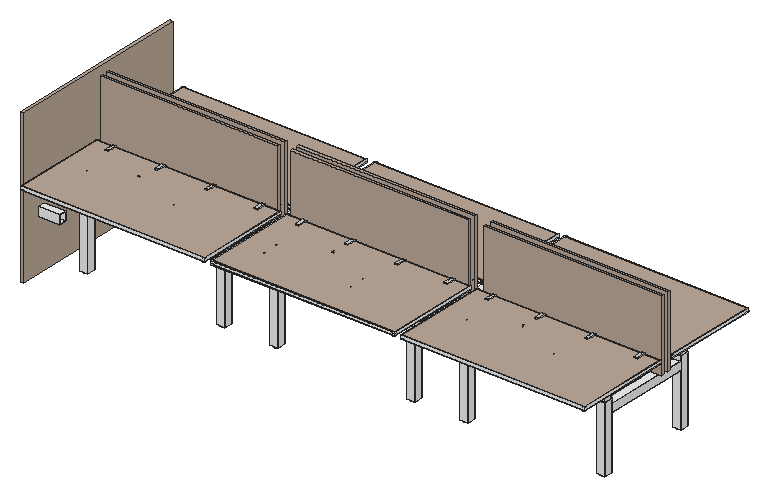
Revit family "T200106", category Furniture, Revit 2022 (continued)
Definition of nested family "OFS RANGE END CAP"
  Forms (in)
    Extrusion 1, solid, material <- "Profile Material"
      sketch origin (1, -13.68515, 0) x (0, -1, 0) y (1, 0, 0)
        loop
          arc (-2.14015, 3.74409) -> (-2.12047, 3.76378) -> (-2.10078, 3.74409) r 0.01969
          line (-2.10078, 3.74409) -> (-2.10078, 3.45499)
          arc (-2.10078, 3.45499) -> (-2.08184, 3.40925) -> (-2.0361, 3.39031) r 0.06469
          line (-2.0361, 3.39031) -> (-1.31338, 3.39031) -> (-1.31338, 3.43531) -> (-2.0361, 3.43531)
          arc (-2.0361, 3.43531) -> (-2.05002, 3.44107) -> (-2.05578, 3.45499) r 0.01969
          line (-2.05578, 3.45499) -> (-2.05578, 3.74409)
          arc (-2.05578, 3.74409) -> (-2.12047, 3.80878) -> (-2.18515, 3.74409) r 0.06469
      from 15 to 17
    Extrusion 2, void
      sketch origin (0, 0, 0) x (0, 1, 0) y (0, 0, 1)
        loop
          line (-12.18427, 16.85665) -> (-11.64906, 16.85665) -> (-11.64906, 17.10665) -> (-12.64906, 17.10665) -> (-12.64906, 14.89335) -> (-11.64906, 14.89335) -> (-11.64906, 15.14335) -> (-12.18427, 15.14335)
          arc (-12.18427, 15.14335) -> (-12.31685, 15.19827) -> (-12.37177, 15.33085) r 0.1875
          line (-12.37177, 15.33085) -> (-12.37177, 16.66915)
          arc (-12.37177, 16.66915) -> (-12.31685, 16.80173) -> (-12.18427, 16.85665) r 0.1875
        loop
          circle (-12.03905, 15.42172) r 0.10313
      from -4.5 to 4.5
  Cuts and joins
    Extrusion 2 cuts Extrusion 1
  Dimensions and locks (in)
    "Depth": plane 4 "Front" to plane 1 "Back"
    equal spacing: plane 5 "Left", plane 3 "Center Left/Right", plane 6 "Right"
    "Width": plane 5 "Left" to plane 6 "Right"
    "Height from Floor": plane 7 to level
    "Height": plane 8 to plane 7
    equal spacing: plane 4 "Front", plane 9, plane 1 "Back"
    aligned and locked: level to plane 2
    aligned and locked: plane 8 to Extrusion 1
    aligned and locked: Extrusion 1 to plane 7
  Automatic sketch dimensions
    Extrusion 1 sketch curve to Extrusion 1 sketch curve = 0"  (x8)
    Extrusion 1 sketch curve to plane 4 "Front" = 1"
    Extrusion 1 sketch curve to Extrusion 1 sketch curve = 0.045"
    Extrusion 1 sketch curve to Extrusion 1 sketch curve = 0.01969"  (x4)
    Extrusion 1 sketch curve to Extrusion 1 sketch curve = 0.72272"  (x2)
    Extrusion 1 sketch curve to plane 5 "Left" = 0.24409"
    Extrusion 1 sketch curve to Extrusion 1 sketch curve = 0.2891"  (x2)
    plane 5 "Left" to Extrusion 1 sketch curve = 8.89031"
    plane 4 "Front" to Extrusion 2 sketch curve = 0.14906"
    Extrusion 2 sketch curve to plane 4 "Front" = 0.12823"
    Extrusion 2 sketch curve to plane 9 = 0.18427"  (x2)
    Extrusion 2 sketch curve to plane 9 = 5/128"
    plane 1 "Back" to Extrusion 2 sketch curve = 0.14906"  (x2)
    Extrusion 2 sketch curve to plane 7 = 0.10665"
    plane 7 to Extrusion 2 sketch curve = 0.14335"
    Extrusion 2 sketch curve to Extrusion 2 sketch curve = 0.09087"
    Extrusion 2 sketch curve to plane 8 = 0.33085"
    plane 8 to Extrusion 2 sketch curve = 0.10665"
    radius of Extrusion 2 sketch curve = 0.10313"
Definition of nested family "OFS RANGE HEIGHT ADJUSTABLE GANGING TRAY"
  Parameters (values of type "HEIGHT ADJUSTABLE GANGING TRAY")
    Width = 22"
    URL = "http://www.ofs.com/"
    Model = "HB-GKT"
    Manufacturer = "CAROLINA"
    Height from Floor = 15"
    Height = 2"
    Profile Material = none
    Description = "OFS CAROLINA HEIGHT ADJUSTABLE GANGING TRAY"
    Depth = 9 1/4"
    Default Elevation = 0"
    Copyright © = "©OFS 2019"
    Catalog = "https://ofs.com/products/open-plan/benching/range"
    Authoring Version = "Autodesk Revit Architecture 2015"
    Assembly Code = "E2020200"
  Reference planes (in)
    plane 1 "Back": y = -7.375
    plane 2: z = 0
    plane 3 "Center Left/Right": x = 0
    plane 4 "Front": y = -16.625
    plane 5 "Left": x = -11
    plane 6 "Right": x = 11
    plane 7: z = 15
    plane 8: z = 17
    plane 9: y = -12
    plane 10: x = -6.875
    plane 11: x = 6.875
  Forms (in)
    Extrusion 1, solid, material <- "Profile Material"
      sketch origin (0, 0, 0) x (0, 1, 0) y (0, 0, 1)
        loop
          line (-7.57087, 15) -> (-7.57087, 16.94094) -> (-7.62992, 16.94094) -> (-7.62992, 15.05906) -> (-16.37008, 15.05906) -> (-16.37008, 16.94094) -> (-16.42913, 16.94094) -> (-16.42913, 15) -> (-7.57087, 15)
      from -11 to 11
    Extrusion 2, void
      sketch origin (0, 0, 0) x (1, 0, 0) y (0, 1, 0)
        loop
          arc (-10.2126, -9.74311) -> (-10.24719, -9.65959) -> (-10.33071, -9.625) r 0.11811
          line (-10.33071, -9.625) -> (-10.88189, -9.625)
          arc (-10.88189, -9.625) -> (-10.96541, -9.59041) -> (-11, -9.50689) r 0.11811
          line (-11, -9.50689) -> (-11, -7.375) -> (-11.5, -7.375) -> (-11.5, -16.625) -> (-11, -16.625) -> (-11, -14.49311)
          arc (-11, -14.49311) -> (-10.96541, -14.40959) -> (-10.88189, -14.375) r 0.11811
          line (-10.88189, -14.375) -> (-10.33071, -14.375)
          arc (-10.33071, -14.375) -> (-10.24719, -14.34041) -> (-10.2126, -14.25689) r 0.11811
          line (-10.2126, -14.25689) -> (-10.2126, -9.74311)
        loop
          arc (-9.11614, -10.75) -> (-9.29292, -10.82322) -> (-9.36614, -11) r 0.25
          line (-9.36614, -11) -> (-9.36614, -13)
          arc (-9.36614, -13) -> (-9.29292, -13.17678) -> (-9.11614, -13.25) r 0.25
          line (-9.11614, -13.25) -> (-7.11614, -13.25)
          arc (-7.11614, -13.25) -> (-6.93937, -13.17678) -> (-6.86614, -13) r 0.25
          line (-6.86614, -13) -> (-6.86614, -11)
          arc (-6.86614, -11) -> (-6.93937, -10.82322) -> (-7.11614, -10.75) r 0.25
          line (-7.11614, -10.75) -> (-9.11614, -10.75)
        loop
          arc (-1, -10.75) -> (-1.17678, -10.82322) -> (-1.25, -11) r 0.25
          line (-1.25, -11) -> (-1.25, -13)
          arc (-1.25, -13) -> (-1.17678, -13.17678) -> (-1, -13.25) r 0.25
          line (-1, -13.25) -> (1, -13.25)
          arc (1, -13.25) -> (1.17678, -13.17678) -> (1.25, -13) r 0.25
          line (1.25, -13) -> (1.25, -11)
          arc (1.25, -11) -> (1.17678, -10.82322) -> (1, -10.75) r 0.25
          line (1, -10.75) -> (-1, -10.75)
        loop
          line (10.2126, -9.74311) -> (10.2126, -14.25689)
          arc (10.2126, -14.25689) -> (10.24719, -14.34041) -> (10.33071, -14.375) r 0.11811
          line (10.33071, -14.375) -> (10.88189, -14.375)
          arc (10.88189, -14.375) -> (10.96541, -14.40959) -> (11, -14.49311) r 0.11811
          line (11, -14.49311) -> (11, -16.625) -> (11.5, -16.625) -> (11.5, -7.375) -> (11, -7.375) -> (11, -9.50689)
          arc (11, -9.50689) -> (10.96541, -9.59041) -> (10.88189, -9.625) r 0.11811
          line (10.88189, -9.625) -> (10.33071, -9.625)
          arc (10.33071, -9.625) -> (10.24719, -9.65959) -> (10.2126, -9.74311) r 0.11811
        loop
          line (9.11614, -10.75) -> (7.11614, -10.75)
          arc (7.11614, -10.75) -> (6.93937, -10.82322) -> (6.86614, -11) r 0.25
          line (6.86614, -11) -> (6.86614, -13)
          arc (6.86614, -13) -> (6.93937, -13.17678) -> (7.11614, -13.25) r 0.25
          line (7.11614, -13.25) -> (9.11614, -13.25)
          arc (9.11614, -13.25) -> (9.29292, -13.17678) -> (9.36614, -13) r 0.25
          line (9.36614, -13) -> (9.36614, -11)
          arc (9.36614, -11) -> (9.29292, -10.82322) -> (9.11614, -10.75) r 0.25
        loop
          circle (-9.11618, -9.9973) r 0.07759
        loop
          circle (-7.1161, -9.9973) r 0.07759
        loop
          circle (-9.11618, -14.0027) r 0.07759
        loop
          circle (-7.1161, -14.0027) r 0.07759
        loop
          circle (9.11618, -9.9973) r 0.07759
        loop
          circle (7.1161, -9.9973) r 0.07759
        loop
          circle (9.11618, -14.0027) r 0.07759
        loop
          circle (7.1161, -14.0027) r 0.07759
      from 13.92521 to 20.02013
    Extrusion 3, void
      sketch origin (0, -7.375, 0) x (1, 0, 0) y (0, 0, 1)
        loop
          line (-10.875, 16.61811) -> (-7, 16.61811)
          arc (-7, 16.61811) -> (-6.91161, 16.65472) -> (-6.875, 16.74311) r 0.125
          line (-6.875, 16.74311) -> (-6.875, 16.81594)
          arc (-6.875, 16.81594) -> (-6.83839, 16.90433) -> (-6.75, 16.94094) r 0.125
          line (-6.75, 16.94094) -> (-6.75, 17.44094) -> (-11.32241, 17.44094) -> (-11.32241, 16.49311) -> (-11, 16.49311)
          arc (-11, 16.49311) -> (-10.96339, 16.5815) -> (-10.875, 16.61811) r 0.125
        loop
          arc (10.875, 16.61811) -> (10.96339, 16.5815) -> (11, 16.49311) r 0.125
          line (11, 16.49311) -> (11.32241, 16.49311) -> (11.32241, 17.5) -> (6.75, 17.5) -> (6.75, 16.94094)
          arc (6.75, 16.94094) -> (6.83839, 16.90433) -> (6.875, 16.81594) r 0.125
          line (6.875, 16.81594) -> (6.875, 16.74311)
          arc (6.875, 16.74311) -> (6.91161, 16.65472) -> (7, 16.61811) r 0.125
          line (7, 16.61811) -> (10.875, 16.61811)
      from 0 to 9.25
    Extrusion 4, solid, material <- "Profile Material"
      sketch origin (0, 0, 0) x (0, 1, 0) y (0, 0, 1)
        loop
          line (-16.4685, 16.94094) -> (-7.5315, 16.94094) -> (-7.5315, 15) -> (-7.47244, 15) -> (-7.47244, 17) -> (-16.52756, 17) -> (-16.52756, 15) -> (-16.4685, 15) -> (-16.4685, 16.94094)
      from -6.875 to 6.875
  Cuts and joins
    Extrusion 2, Extrusion 3 cuts Extrusion 1
  Dimensions and locks (in)
    "Depth": plane 4 "Front" to plane 1 "Back"
    equal spacing: plane 5 "Left", plane 3 "Center Left/Right", plane 6 "Right"
    "Width": plane 5 "Left" to plane 6 "Right"
    "Height from Floor": plane 7 to level
    "Height": plane 8 to plane 7
    equal spacing: plane 4 "Front", plane 9, plane 1 "Back"
    plane 11 to plane 3 "Center Left/Right" to plane 10 = 6 7/8", 6 7/8"
    aligned and locked: level to plane 2
    aligned and locked: Extrusion 1 to plane 6 "Right"
    aligned and locked: Extrusion 1 to plane 5 "Left"
    aligned and locked: plane 4 "Front" to Extrusion 3
    aligned and locked: Extrusion 3 to plane 1 "Back"
    aligned and locked: Extrusion 4 to plane 10
    aligned and locked: Extrusion 4 to plane 11
  Automatic sketch dimensions
    plane 1 "Back" to Extrusion 1 sketch curve = 0.19587"
    Extrusion 1 sketch curve to plane 4 "Front" = 0.19587"
    Extrusion 1 sketch curve to plane 8 = 0.05906"  (x2)
    Extrusion 1 sketch curve to Extrusion 1 sketch curve = 0.05906"  (x2)
    Extrusion 1 sketch curve to plane 7 = 0"
    plane 7 to Extrusion 1 sketch curve = 0.05906"
    plane 1 "Back" to Extrusion 2 sketch curve = 0"  (x2)
    plane 4 "Front" to Extrusion 2 sketch curve = 0"  (x2)
    Extrusion 2 sketch curve to plane 5 "Left" = 1/2"
    plane 5 "Left" to Extrusion 2 sketch curve = 0"  (x2)
    Extrusion 2 sketch curve to Extrusion 2 sketch curve = 0.11811"  (x5)
    Extrusion 2 sketch curve to Extrusion 2 sketch curve = 0.55118"  (x2)
    Extrusion 2 sketch curve to Extrusion 2 sketch curve = 0.84646"
    Extrusion 2 sketch curve to Extrusion 2 sketch curve = 1.09642"  (x3)
    Extrusion 2 sketch curve to Extrusion 2 sketch curve = 1/4"  (x6)
    Extrusion 2 sketch curve to plane 10 = 0.24114"  (x2)
    Extrusion 2 sketch curve to plane 10 = 0.2411"  (x2)
    plane 10 to Extrusion 2 sketch curve = 0.00886"
    Extrusion 2 sketch curve to plane 3 "Center Left/Right" = 1 1/4"
    plane 3 "Center Left/Right" to Extrusion 2 sketch curve = 1"  (x2)
    plane 11 to Extrusion 2 sketch curve = 0.00886"
    Extrusion 2 sketch curve to plane 11 = 0.2411"  (x2)
    Extrusion 2 sketch curve to plane 11 = 0.24114"  (x2)
    plane 6 "Right" to Extrusion 2 sketch curve = 1.88386"  (x2)
    plane 9 to Extrusion 2 sketch curve = 1 1/4"
    Extrusion 2 sketch curve to Extrusion 2 sketch curve = 0.00004"  (x2)
    plane 6 "Right" to Extrusion 2 sketch curve = 0.11811"  (x2)
    plane 6 "Right" to Extrusion 2 sketch curve = 0"  (x2)
    Extrusion 2 sketch curve to plane 6 "Right" = 1/2"
    Extrusion 2 sketch curve to Extrusion 2 sketch curve = 2.13189"
    Extrusion 2 sketch curve to plane 4 "Front" = 2.13189"
    Extrusion 2 sketch curve to plane 9 = 2.0027"  (x2)
    Extrusion 2 sketch curve to Extrusion 2 sketch curve = 0.25419"  (x4)
    Extrusion 2 sketch curve to Extrusion 2 sketch curve = 0.7527"  (x6)
    Extrusion 2 sketch curve to plane 9 = 1 1/4"
    plane 9 to Extrusion 2 sketch curve = 1"  (x2)
    Extrusion 3 sketch curve to plane 5 "Left" = 0"
    Extrusion 3 sketch curve to plane 10 = 0"
    Extrusion 3 sketch curve to plane 8 = 0.05906"  (x2)
    plane 11 to Extrusion 3 sketch curve = 0"
    plane 6 "Right" to Extrusion 3 sketch curve = 0"
    Extrusion 3 sketch curve to plane 5 "Left" = 0.32241"
    plane 5 "Left" to Extrusion 3 sketch curve = 1/8"
    Extrusion 3 sketch curve to plane 10 = 1/8"
    plane 10 to Extrusion 3 sketch curve = 1/8"
    plane 11 to Extrusion 3 sketch curve = 1/8"
    Extrusion 3 sketch curve to plane 11 = 1/8"
    plane 6 "Right" to Extrusion 3 sketch curve = 1/8"
    Extrusion 3 sketch curve to plane 6 "Right" = 0.32241"
    Extrusion 3 sketch curve to Extrusion 3 sketch curve = 0.07283"  (x2)
    plane 8 to Extrusion 3 sketch curve = 0.44094"
    Extrusion 3 sketch curve to Extrusion 3 sketch curve = 0.55906"
    Extrusion 4 sketch curve to plane 7 = 0"  (x2)
    Extrusion 4 sketch curve to plane 4 "Front" = 0.09744"
    Extrusion 4 sketch curve to Extrusion 4 sketch curve = 0.05906"  (x3)
    plane 1 "Back" to Extrusion 4 sketch curve = 0.1565"
    Extrusion 4 sketch curve to plane 8 = 0.05906"
    radius of Extrusion 2 sketch curve = 0.07759"  (x8)
Definition of nested family "OFS RANGE BRACKETS FOR WORKSURFACE EDGE MODESTY FABRIC PANEL"
  Parameters (values of type "BRACKETS FOR WORKSURFACE EDGE MODESTY Fabric Panel")
    Width = 1"
    URL = "http://www.ofs.com/"
    Height from Floor = 30"
    Height = 2 1/2"
    Model = "WEBKT-3"
    Manufacturer = "CAROLINA"
    Description = "OFS CAROLINA RANGE BRACKETS FOR WORKSURFACE EDGE MODESTY for Fabric Panel"
    Depth = 3 11/16"
    Default Elevation = 0"
    Copyright © = "© 2019 OFS"
    Catalog = "https://ofs.com/products/open-plan/benching/range"
    Authoring Version = "Autodesk Revit Architecture 2015"
    Assembly Code = "E2020200"
    Surface Material = none
  Reference planes (in)
    plane 1 "Center (Front/Back)": y = 0
    plane 2: z = 0
    plane 3 "Center (Left/Right)": x = 0
    plane 4: x = 0.5
    plane 5: x = -0.5
    plane 6: y = 0.875
    plane 7: y = -3
    plane 8: z = 30
    plane 9: z = 32.5
    plane 10: y = -1.25
  Forms (in)
    Extrusion 1, solid, material <- "Surface Material"
      sketch origin (0, 0, 0) x (0, 1, 0) y (0, 0, 1)
        loop
          line (0, 32.5) -> (-3, 32.5) -> (-3, 32.375) -> (-1.25, 32.375) -> (-1.25, 31.125) -> (-3, 31.125) -> (-3, 31) -> (-1.25, 31) -> (-1.25, 30) -> (0, 30) -> (0, 32.5)
        loop
          line (-0.125, 32.375) -> (-1.125, 32.375) -> (-1.125, 30.125) -> (-0.125, 30.125) -> (-0.125, 32.375)
      from -0.5 to 0.5
    Extrusion 2, void
      sketch origin (0, 0, 0) x (1, 0, 0) y (0, 0, 1)
        loop
          circle (0, 30.5625) r 0.1875
        loop
          circle (0, 31.6875) r 0.1875
      from 0.83423 to 1.60927
    Extrusion 3, solid, material <- "Surface Material"
      sketch origin (0, 0, 0) x (1, 0, 0) y (0, 0, 1)
        loop
          circle (0, 30.5625) r 0.0625
        loop
          circle (0, 31.9375) r 0.0625
      from 0 to -0.875
    Extrusion 4, solid, material <- "Surface Material"
      sketch origin (0, 0, 0) x (1, 0, 0) y (0, 1, 0)
        loop
          circle (0, -2.15157) r 0.125
      from 31.125 to 31.5
    Extrusion 5, solid, material <- "Surface Material"
      sketch origin (0, 0, 0) x (1, 0, 0) y (0, 0, 1)
        loop
          line (-0.5, 32.5) -> (-0.5, 30) -> (0.5, 30) -> (0.5, 32.5) -> (-0.5, 32.5)
      from -0.875 to -0.96004
    Extrusion 6, solid, material <- "Surface Material"
      sketch origin (0, 0, 0) x (1, 0, 0) y (0, 0, 1)
        loop
          line (-0.25, 31.625) -> (-0.25, 30.875) -> (0.25, 30.875) -> (0.25, 31.625) -> (-0.25, 31.625)
      from 0 to -0.15772
  Cuts and joins
    Extrusion 2 cuts Extrusion 1
  Dimensions and locks (in)
    equal spacing: plane 5, plane 3 "Center (Left/Right)", plane 4
    "Width": plane 5 to plane 4
    plane 1 "Center (Front/Back)" to plane 7 = 3"
    "Height": plane 9 to plane 8
    "Height from Floor": plane 8 to level
    plane 1 "Center (Front/Back)" to plane 6 = 7/8"
    aligned and locked: level to plane 2
    aligned and locked: plane 9 to Extrusion 1 sketch curve
    aligned and locked: Extrusion 1 sketch curve to plane 1 "Center (Front/Back)"
    aligned and locked: Extrusion 1 sketch curve to plane 8
    aligned and locked: plane 10 to Extrusion 1 sketch curve
    aligned and locked: Extrusion 1 sketch curve to plane 7
    aligned and locked: plane 5 to Extrusion 1
    aligned and locked: plane 4 to Extrusion 1
    aligned and locked: Extrusion 3 to plane 1 "Center (Front/Back)"
    aligned and locked: plane 6 to Extrusion 3
    aligned and locked: Extrusion 5 sketch curve to cut or joined group of Extrusion 1, Extrusion 2  (x4)
    aligned and locked: Extrusion 5 to plane 6
  Automatic sketch dimensions
    Extrusion 1 sketch curve to plane 10 = 0"
    plane 8 to Extrusion 1 sketch curve = 1/8"
    Extrusion 1 sketch curve to plane 7 = 0"
    Extrusion 1 sketch curve to plane 10 = 1/8"
    plane 1 "Center (Front/Back)" to Extrusion 1 sketch curve = 1/8"
    Extrusion 1 sketch curve to Extrusion 1 sketch curve = 7/8"
    Extrusion 1 sketch curve to Extrusion 1 sketch curve = 1/8"
    Extrusion 1 sketch curve to plane 9 = 1/8"  (x2)
    Extrusion 2 sketch curve to plane 3 "Center (Left/Right)" = 0"  (x2)
    plane 8 to Extrusion 2 sketch curve = 9/16"
    Extrusion 2 sketch curve to plane 9 = 13/16"
    Extrusion 4 sketch curve to plane 3 "Center (Left/Right)" = 0"
    Extrusion 4 sketch curve to plane 7 = 0.84843"
    Extrusion 3 sketch curve to plane 3 "Center (Left/Right)" = 0"  (x2)
    plane 8 to Extrusion 3 sketch curve = 9/16"
    Extrusion 3 sketch curve to plane 9 = 9/16"
    Extrusion 6 sketch curve to plane 3 "Center (Left/Right)" = 1/4"
    plane 8 to Extrusion 6 sketch curve = 7/8"
    plane 3 "Center (Left/Right)" to Extrusion 6 sketch curve = 1/4"
    Extrusion 6 sketch curve to Extrusion 6 sketch curve = 3/4"
    radius of Extrusion 2 sketch curve = 3/16"  (x2)
    radius of Extrusion 4 sketch curve = 1/8"
    radius of Extrusion 3 sketch curve = 1/16"  (x2)
Definition of nested family "OFS RANGE 30D RECTANGULAR TOP"
  Parameters (values of type "30D RECTANGULAR TOP 72W")
    Worksurface Material = none
    Width = 72"
    URL = "http://www.ofs.com/"
    Model = "HB-7230HART"
    Manufacturer = "CAROLINA"
    Height from Floor = 27 7/8"
    Height = 1 3/16"
    Edge Material = none
    Description = "OFS CAROLINA RANGE 30\"D RECTANGULAR TOP, 72\" Width, Use with 72\" Bench Kit"
    Depth = 30"
    Default Elevation = 0"
    Copyright © = "©OFS 2019"
    Catalog = "https://ofs.com/products/open-plan/benching/range"
    Authoring Version = "Autodesk Revit Architecture 2015"
    Assembly Code = "E2020200"
  Types (10): name | Width | Model | Description
    (no name) | 72" | "HB-7230HART" | "OFS CAROLINA RANGE 30\"D RECTANGULAR TOP, 72\" Width, Use with 72\" Bench Kit"
    30D RECTANGULAR TOP 52W | 52" | "HB-5230HART" | "OFS CAROLINA RANGE 30\"D RECTANGULAR TOP, 52\" Width, Use with 54\" Bench Kit"
    30D RECTANGULAR TOP 58W | 58" | "HB-5830HART" | "OFS CAROLINA RANGE 30\"D RECTANGULAR TOP, 58\" Width, Use with 60\" Bench Kit"
    30D RECTANGULAR TOP 64W | 64" | "HB-6430HART" | "OFS CAROLINA RANGE 30\"D RECTANGULAR TOP, 64\" Width, Use with 66\" Bench Kit"
    30D RECTANGULAR TOP 70W | 70" | "HB-7030HART" | "OFS CAROLINA RANGE 30\"D RECTANGULAR TOP, 70\" Width, Use with 72\" Bench Kit"
    30D RECTANGULAR TOP 48W | 48" | "HB-4830HARTS" | "OFS CAROLINA RANGE 30\"D RECTANGULAR TOP, 48\" Width, Use with 54\" Bench Kit when Worksurface Side Modesty is Specified"
    30D RECTANGULAR TOP 54W | 54" | "HB-5430HARTS" | "OFS CAROLINA RANGE 30\"D RECTANGULAR TOP, 54\" Width, Use with 60\" Bench Kit when Worksurface Side Modesty is Specified"
    30D RECTANGULAR TOP 60W | 60" | "HB-6030HARTS" | "OFS CAROLINA RANGE 30\"D RECTANGULAR TOP, 60\" Width, Use with 66\" Bench Kit when Worksurface Side Modesty is Specified"
    30D RECTANGULAR TOP 66W | 66" | "HB-6630HARTS" | "OFS CAROLINA RANGE 30\"D RECTANGULAR TOP, 66\" Width, Use with 72\" Bench Kit when Worksurface Side Modesty is Specified"
    30D RECTANGULAR TOP 72W | 72" | "HB-7230HART" | "OFS CAROLINA RANGE 30\"D RECTANGULAR TOP, 72\" Width, Use with 72\" Bench Kit"
  Reference planes (in)
    plane 1 "Back": y = 0
    plane 2: z = 0
    plane 3 "Center Left/Right": x = 0
    plane 4 "Front": y = -30
    plane 5 "Left": x = -36
    plane 6 "Right": x = 36
    plane 7: z = 27.875
    plane 8: z = 29.0625
    plane 9: y = -0.125
    plane 10: x = -35.875
    plane 11: x = 35.875
    plane 12: y = -29.875
    plane 13: y = -15
  Forms (in)
    Extrusion 1, solid, material <- "Worksurface Material"
      sketch origin (0, 0, 0) x (1, 0, 0) y (0, 1, 0)
        loop
          line (-35.875, -0.125) -> (-35.875, -29.875) -> (35.875, -29.875) -> (35.875, -0.125) -> (-35.875, -0.125)
      from 27.875 to 29.0625
    Sweep 2, solid, material <- "Edge Material"
      path in 3D
        loop
          line (-35.875, -0.125, 29.0625) -> (-35.875, -29.875, 29.0625) -> (35.875, -29.875, 29.0625) -> (35.875, -0.125, 29.0625) -> (-35.875, -0.125, 29.0625)
      profile origin (0, -0.125, 29.0625) x (0, -1, 0) y (0, 0, 1)
        loop
          arc (0, 0) -> (-0.08839, -0.03661) -> (-0.125, -0.125) r 0.125
          line (-0.125, -0.125) -> (-0.125, -1.0625)
          arc (-0.125, -1.0625) -> (-0.08839, -1.15089) -> (0, -1.1875) r 0.125
          line (0, -1.1875) -> (0, 0)
  Lines and regions (in)
    sketch lines
      curve 1: line (35.875, -0.125, 29.0625) -> (-35.875, -0.125, 29.0625)
      curve 2: line (-35.875, -0.125, 29.0625) -> (-35.875, -29.875, 29.0625)
      curve 3: line (-35.875, -29.875, 29.0625) -> (35.875, -29.875, 29.0625)
      curve 4: line (35.875, -29.875, 29.0625) -> (35.875, -0.125, 29.0625)
  Dimensions and locks (in)
    "Depth": plane 4 "Front" to plane 1 "Back"
    equal spacing: plane 5 "Left", plane 3 "Center Left/Right", plane 6 "Right"
    "Width": plane 5 "Left" to plane 6 "Right"
    "Height from Floor": plane 7 to level
    "Height": plane 8 to plane 7
    locked: plane 5 "Left" to plane 10 at 0.125
    locked: plane 11 to plane 6 "Right" at 0.125
    locked: plane 4 "Front" to plane 12 at 0.125
    locked: plane 9 to plane 1 "Back" at 0.125
    equal spacing: plane 4 "Front", plane 13, plane 1 "Back"
    aligned and locked: level to plane 2
    aligned and locked: plane 11 to Extrusion 1 sketch curve
    aligned and locked: plane 9 to Extrusion 1 sketch curve
    aligned and locked: plane 10 to Extrusion 1 sketch curve
    aligned and locked: plane 8 to Extrusion 1
    aligned and locked: Extrusion 1 to plane 7
  Automatic sketch dimensions
    plane 12 to Extrusion 1 sketch curve = 0"
    Sweep 2 sketch curve to profile plane = 0"  (x2)
    Sweep 2 sketch curve to Sweep 2 sketch curve = 15/16"
    Sweep 2 sketch curve to Sweep 2 sketch curve = 1/8"
Definition of nested family "OFS RANGE WORKSURFACE EDGE MODESTY FABRIC"
  Parameters (values of type "WORKSURFACE EDGE MODESTY 46W FABRIC")
    Worksurface Material = none
    Width = 46"
    URL = "http://www.ofs.com/"
    Model = "HB-WEMF-46/22.5"
    Manufacturer = "CAROLINA"
    Height from Floor = 24 1/2"
    Height = 22 1/2"
    Support Material = none
    Description = "OFS RANGE WORKSURFACE EDGE MODESTY FABRIC, 46\" Width, Use with 48\"W Worksurface"
    Depth = 3/4"
    Default Elevation = 0"
    Copyright © = "©OFS 2019"
    Catalog = "https://ofs.com/products/open-plan/benching/range"
    Authoring Version = "Autodesk Revit Architecture 2015"
    Assembly Code = "E2020200"
  Types (10): name | Width | Model | Description
    (no name) | 46" | "HB-WEMF-46/22.5" | "OFS RANGE WORKSURFACE EDGE MODESTY FABRIC, 46\" Width, Use with 48\"W Worksurface"
    WORKSURFACE EDGE MODESTY 46W FABRIC | 46" | "HB-WEMF-46/22.5" | "OFS RANGE WORKSURFACE EDGE MODESTY FABRIC, 46\" Width, Use with 48\"W Worksurface"
    WORKSURFACE EDGE MODESTY 52W FABRIC | 52" | "HB-WEMF-52/22.5" | "OFS RANGE WORKSURFACE EDGE MODESTY FABRIC, 52\" Width, Use with 54\"W Worksurface"
    WORKSURFACE EDGE MODESTY 58W FABRIC | 58" | "HB-WEMF-58/22.5" | "OFS RANGE WORKSURFACE EDGE MODESTY FABRIC, 58\" Width, Use with 60\"W Worksurface"
    WORKSURFACE EDGE MODESTY 64W FABRIC | 64" | "HB-WEMF-64/22.5" | "OFS RANGE WORKSURFACE EDGE MODESTY FABRIC, 64\" Width, Use with 66\"W Worksurface"
    WORKSURFACE EDGE MODESTY 70W FABRIC | 70" | "HB-WEMF-70/22.5" | "OFS RANGE WORKSURFACE EDGE MODESTY FABRIC, 70\" Width, Use with 72\"W Worksurface"
    WORKSURFACE EDGE MODESTY 50W FABRIC | 50" | "HB-WEMF-50/22.5" | "OFS RANGE WORKSURFACE EDGE MODESTY FABRIC, 50\" Width, Use with 52\"W Worksurface"
    WORKSURFACE EDGE MODESTY 56W FABRIC | 56" | "HB-WEMF-56/22.5" | "OFS RANGE WORKSURFACE EDGE MODESTY FABRIC, 56\" Width, Use with 58\"W Worksurface"
    WORKSURFACE EDGE MODESTY 62W FABRIC | 62" | "HB-WEMF-62/22.5" | "OFS RANGE WORKSURFACE EDGE MODESTY FABRIC, 62\" Width, Use with 64\"W Worksurface"
    WORKSURFACE EDGE MODESTY 68W FABRIC | 68" | "HB-WEMF-68/22.5" | "OFS RANGE WORKSURFACE EDGE MODESTY FABRIC, 68\" Width, Use with 70\"W Worksurface"
  Reference planes (in)
    plane 1 "Back": y = -11.625
    plane 2: z = 0
    plane 3 "Center Left/Right": x = 0
    plane 4 "Front": y = -12.375
    plane 5 "Left": x = -23
    plane 6 "Right": x = 23
    plane 7: z = 24.5
    plane 8: z = 47
    plane 9: y = -12
    plane 10: x = -16.5
    plane 11: x = -14
    plane 12: x = 16.5
    plane 13: x = 14
  Forms (in)
    Extrusion 1, solid, material <- "Worksurface Material"
      sketch origin (0, 0, 0) x (1, 0, 0) y (0, 1, 0)
        loop
          line (-23, -11.625) -> (-23, -12.375) -> (23, -12.375) -> (23, -11.625) -> (-23, -11.625)
      from 24.5 to 47
  Dimensions and locks (in)
    "Depth": plane 4 "Front" to plane 1 "Back"
    equal spacing: plane 5 "Left", plane 3 "Center Left/Right", plane 6 "Right"
    "Width": plane 5 "Left" to plane 6 "Right"
    "Height from Floor": plane 7 to level
    "Height": plane 8 to plane 7
    equal spacing: plane 4 "Front", plane 9, plane 1 "Back"
    plane 5 "Left" to plane 10 to plane 11 = 6 1/2" locked, 2 1/2" locked
    plane 6 "Right" to plane 12 to plane 13 = 6 1/2" locked, 2 1/2" locked
    aligned and locked: level to plane 2
    aligned and locked: plane 8 to Extrusion 1
    aligned and locked: Extrusion 1 to plane 7
    aligned and locked: plane 4 "Front" to Extrusion 1
    aligned and locked: Extrusion 1 to plane 5 "Left"
    aligned and locked: Extrusion 1 to plane 1 "Back"
    aligned and locked: Extrusion 1 to plane 6 "Right"
  Automatic sketch dimensions
    plane 4 "Front" to Extrusion 1 sketch curve = 0"
    Extrusion 1 sketch curve to plane 5 "Left" = 0"
    Extrusion 1 sketch curve to plane 6 "Right" = 0"
    plane 1 "Back" to Extrusion 1 sketch curve = 0"
Definition of nested family "OFS RANGE DIVIDER WALL PRIVACY PANEL"
  Parameters (values of type "DIVIDER WALL PRIVACY PANEL 42H 36W")
    Worksurface Material = none
    Width = 36"
    URL = "http://www.ofs.com/"
    Model = "HB-4236DW"
    Manufacturer = "CAROLINA"
    Height from Floor = 1/2"
    Height = 42"
    Support Material = none
    Description = "OFS RANGE DIVIDER WALL PRIVACY PANEL, 42\" Height, 36\" Width, Vertical Grain Pattern"
    Depth = 1"
    Default Elevation = 0"
    Copyright © = "©OFS 2019"
    Catalog = "https://ofs.com/products/open-plan/benching/range"
    Authoring Version = "Autodesk Revit Architecture 2015"
    Assembly Code = "E2020200"
  Types (11): name | Width | Model | Height | Description
    (no name) | 36" | "HB-4236DW" | 42" | "OFS RANGE DIVIDER WALL PRIVACY PANEL, 42\" Height, 36\" Width, Vertical Grain Pattern"
    DIVIDER WALL PRIVACY PANEL 42H 36W | 36" | "HB-4236DW" | 42" | "OFS RANGE DIVIDER WALL PRIVACY PANEL, 42\" Height, 36\" Width, Vertical Grain Pattern"
    DIVIDER WALL PRIVACY PANEL 42H 42W | 42" | "HB-4242DW" | 42" | "OFS RANGE DIVIDER WALL PRIVACY PANEL, 42\" Height, 42\" Width, Vertical Grain Pattern"
    DIVIDER WALL PRIVACY PANEL 42H 48W | 48" | "HB-4248DW" | 42" | "OFS RANGE DIVIDER WALL PRIVACY PANEL, 42\" Height, 48\" Width, Vertical Grain Pattern"
    DIVIDER WALL PRIVACY PANEL 42H 54W | 54" | "HB-4254DW" | 42" | "OFS RANGE DIVIDER WALL PRIVACY PANEL, 42\" Height, 54\" Width, Vertical Grain Pattern"
    DIVIDER WALL PRIVACY PANEL 42H 59W | 59" | "HB-4259DW" | 42" | "OFS RANGE DIVIDER WALL PRIVACY PANEL, 42\" Height, 59\" Width, Vertical Grain Pattern"
    DIVIDER WALL PRIVACY PANEL 48H 59W | 59" | "HB-4859DW" | 48" | "OFS RANGE DIVIDER WALL PRIVACY PANEL, 48\" Height, 59\" Width, Vertical Grain Pattern"
    DIVIDER WALL PRIVACY PANEL 48H 54W | 54" | "HB-4854DW" | 48" | "OFS RANGE DIVIDER WALL PRIVACY PANEL, 48\" Height, 54\" Width, Vertical Grain Pattern"
    DIVIDER WALL PRIVACY PANEL 48H 48W | 48" | "HB-4848DW" | 48" | "OFS RANGE DIVIDER WALL PRIVACY PANEL, 48\" Height, 48\" Width, Vertical Grain Pattern"
    DIVIDER WALL PRIVACY PANEL 48H 42W | 42" | "HB-4842DW" | 48" | "OFS RANGE DIVIDER WALL PRIVACY PANEL, 48\" Height, 42\" Width, Vertical Grain Pattern"
    DIVIDER WALL PRIVACY PANEL 48H 36W | 36" | "HB-4836DW" | 48" | "OFS RANGE DIVIDER WALL PRIVACY PANEL, 48\" Height, 36\" Width, Vertical Grain Pattern"
  Reference planes (in)
    plane 1 "Back": y = -11.5
    plane 2: z = 0
    plane 3 "Center Left/Right": x = 0
    plane 4 "Front": y = -12.5
    plane 5 "Left": x = -18
    plane 6 "Right": x = 18
    plane 7: z = 0.5
    plane 8: z = 42.5
    plane 9: y = -12
    plane 10: x = -12.5
    plane 11: x = -10
    plane 12: x = 12.5
    plane 13: x = 10
    plane 14: z = 19.75
    plane 15: z = 17
    plane 16: y = -19.5
  Forms (in)
    Extrusion 1, solid, material <- "Worksurface Material"
      sketch origin (0, 0, 0) x (1, 0, 0) y (0, 1, 0)
        loop
          line (-18, -11.5) -> (-18, -12.5) -> (18, -12.5) -> (18, -11.5) -> (-18, -11.5)
      from 0.5 to 42.5
    Extrusion 2, solid, material <- "Support Material"
      sketch origin (0, -11.5, 0) x (1, 0, 0) y (0, 0, 1)
        loop
          line (-12.5, 19.75) -> (-12.5, 17) -> (-10, 17) -> (-10, 19.75) -> (-12.5, 19.75)
        loop
          line (12.5, 19.75) -> (10, 19.75) -> (10, 17) -> (12.5, 17) -> (12.5, 19.75)
        loop
          line (-12.4375, 19.6875) -> (-12.4375, 17.0625) -> (-10.0625, 17.0625) -> (-10.0625, 19.6875) -> (-12.4375, 19.6875)
        loop
          line (12.4375, 19.6875) -> (10.0625, 19.6875) -> (10.0625, 17.0625) -> (12.4375, 17.0625) -> (12.4375, 19.6875)
      from 1 to 8
  Dimensions and locks (in)
    "Depth": plane 4 "Front" to plane 1 "Back"
    equal spacing: plane 5 "Left", plane 3 "Center Left/Right", plane 6 "Right"
    "Width": plane 5 "Left" to plane 6 "Right"
    "Height from Floor": plane 7 to level
    "Height": plane 8 to plane 7
    equal spacing: plane 4 "Front", plane 9, plane 1 "Back"
    plane 5 "Left" to plane 10 to plane 11 = 5 1/2" locked, 2 1/2" locked
    plane 6 "Right" to plane 12 to plane 13 = 5 1/2" locked, 2 1/2" locked
    plane 14 to plane 15 to level = 2 3/4" locked, 17" locked
    locked: plane 16 to plane 4 "Front" at 7
    aligned and locked: level to plane 2
    aligned and locked: plane 8 to Extrusion 1
    aligned and locked: Extrusion 1 to plane 7
    aligned and locked: plane 4 "Front" to Extrusion 1
    aligned and locked: Extrusion 1 to plane 5 "Left"
    aligned and locked: Extrusion 1 to plane 1 "Back"
    aligned and locked: Extrusion 1 to plane 6 "Right"
    aligned and locked: Extrusion 2 sketch curve to plane 14
    aligned and locked: plane 10 to Extrusion 2 sketch curve
    aligned and locked: plane 15 to Extrusion 2 sketch curve
    aligned and locked: Extrusion 2 sketch curve to plane 11
    aligned and locked: plane 14 to Extrusion 2 sketch curve
    aligned and locked: Extrusion 2 sketch curve to plane 12
    aligned and locked: Extrusion 2 sketch curve to plane 15
    aligned and locked: plane 13 to Extrusion 2 sketch curve
    aligned and locked: Extrusion 2 to plane 4 "Front"
    aligned and locked: plane 16 to Extrusion 2
  Automatic sketch dimensions
    plane 4 "Front" to Extrusion 1 sketch curve = 0"
    Extrusion 1 sketch curve to plane 5 "Left" = 0"
    Extrusion 1 sketch curve to plane 6 "Right" = 0"
    plane 1 "Back" to Extrusion 1 sketch curve = 0"
    plane 10 to Extrusion 2 sketch curve = 1/16"
    Extrusion 2 sketch curve to plane 11 = 1/16"
    plane 15 to Extrusion 2 sketch curve = 1/16"  (x2)
    Extrusion 2 sketch curve to plane 14 = 1/16"  (x2)
    Extrusion 2 sketch curve to plane 13 = 1/16"
    plane 12 to Extrusion 2 sketch curve = 1/16"
Types (3): name | Description
  (no name) | "OFS TYPICAL T200106"
  T200 | "OFS TYPICAL T200"
  T200106 | "OFS TYPICAL T200106"
